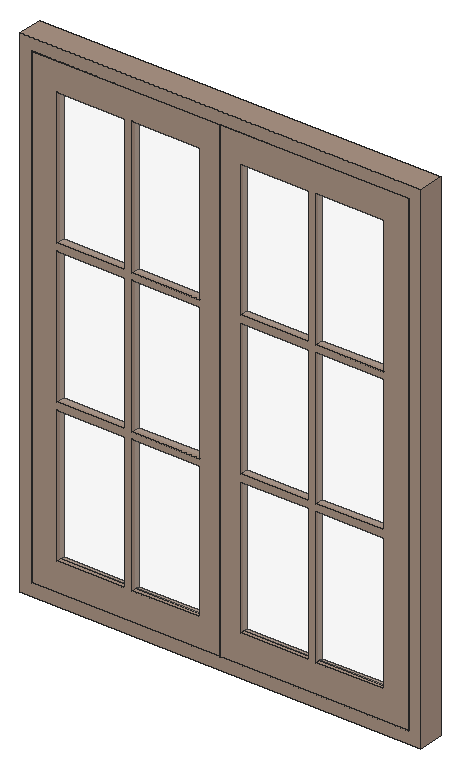
Revit family
Parameters (values of type "1200 x 1500 mm")
  Top Rail = 70 mm
  Stile = 60 mm
  Material of Panel = Glass - Clear
  Material of frame/Shutter = Window Material
  Height = 1500 mm
  Frame Width = 50 mm
  Frame Depth = 75 mm
  Default Sill Height = 900 mm
  Wall Closure = (empty or 0)
  Width = 1200 mm
  Bottom Rail = 70 mm
Types (4, lengths in mm): name | Width
  (no name) | 1200
  1200 x 1500 mm | 1200
  1500 x 1500 mm | 1500
  1800 x1500 mm | 1800
Reference planes
  plane 1: y = 0
  plane 2 "Center (Left/Right)": x = 0
  plane 3 "Left": x = -600
  plane 4 "Right": x = 600
  plane 5 "Sill": z = 900
  plane 6 "Head": z = 2400
  plane 7 "Exterior": y = 75
  plane 8 "Interior": y = -75
  plane 9: y = 37.5
  plane 10: y = -37.5
  plane 11: x = -550
  plane 12: x = 550
  plane 13: z = 2350
  plane 14: z = 950
  plane 15: z = 2280
  plane 16: z = 1020
  plane 17: x = -60
  plane 18: x = 60
  plane 19: x = -490
  plane 20: x = 490
  plane 21: z = 2290
  plane 22: z = 1010
  plane 23: z = 1863.333
  plane 24: z = 1436.667
  plane 25: x = -500
  plane 26: x = -50
  plane 27: x = 500
  plane 28: x = 50
  plane 29: x = -275
  plane 30: x = 275
  plane 31: z = 1650
Forms (mm)
  Sweep 1, solid, material "Window Material" <- "Material of frame/Shutter"
    path origin (0, 0, 0) x (1, 0, 0) y (0, 0, 1)
      loop
        line (600, 2400) -> (-600, 2400) -> (-600, 900) -> (600, 900) -> (600, 2400)
    profile origin (0, 0, 1650) x (0, -1, 0) y (1, 0, 0)
      loop
        line (-37.5, 600) -> (-37.5, 550) -> (12.5, 550) -> (12.5, 564.701) -> (37.5, 564.701) -> (37.5, 600) -> (-37.5, 600)
  Extrusion 2, solid, material "Window Material" <- "Material of frame/Shutter"
    sketch origin (0, -37.5, 0) x (1, 0, 0) y (0, 0, 1)
      loop
        line (-564.701, 935.299) -> (-2.221, 935.299) -> (-2.221, 2364.701) -> (-564.701, 2364.701) -> (-564.701, 935.299)
      loop
        line (564.701, 2364.701) -> (1.963, 2364.701) -> (1.963, 935.299) -> (564.701, 935.299) -> (564.701, 2364.701)
      loop
        line (-490, 2280) -> (-490, 1873.333) -> (-285, 1873.333) -> (-285, 2280) -> (-490, 2280)
      loop
        line (-490, 1020) -> (-285, 1020) -> (-285, 1426.667) -> (-490, 1426.667) -> (-490, 1020)
      loop
        line (-60, 1020) -> (-60, 1426.667) -> (-265, 1426.667) -> (-265, 1020) -> (-60, 1020)
      loop
        line (-60, 2280) -> (-265, 2280) -> (-265, 1873.333) -> (-60, 1873.333) -> (-60, 2280)
      loop
        line (490, 2280) -> (285, 2280) -> (285, 1873.333) -> (490, 1873.333) -> (490, 2280)
      loop
        line (490, 1020) -> (490, 1426.667) -> (285, 1426.667) -> (285, 1020) -> (490, 1020)
      loop
        line (60, 1020) -> (265, 1020) -> (265, 1426.667) -> (60, 1426.667) -> (60, 1020)
      loop
        line (60, 2280) -> (60, 1873.333) -> (265, 1873.333) -> (265, 2280) -> (60, 2280)
      loop
        line (-490, 1853.333) -> (-490, 1446.667) -> (-285, 1446.667) -> (-285, 1853.333) -> (-490, 1853.333)
      loop
        line (-60, 1853.333) -> (-265, 1853.333) -> (-265, 1446.667) -> (-60, 1446.667) -> (-60, 1853.333)
      loop
        line (490, 1853.333) -> (285, 1853.333) -> (285, 1446.667) -> (490, 1446.667) -> (490, 1853.333)
      loop
        line (60, 1853.333) -> (60, 1446.667) -> (265, 1446.667) -> (265, 1853.333) -> (60, 1853.333)
    from 0 to -25
  Extrusion 3, solid, material "Glass - Clear" <- "Material of Panel"
    sketch origin (0, 0, 1020) x (0, -1, 0) y (-1, 0, 0)
      loop
        line (23, 60) -> (27, 60) -> (27, 490) -> (23, 490) -> (23, 60)
      loop
        line (23, -60) -> (23, -490) -> (27, -490) -> (27, -60) -> (23, -60)
    from -1260 to 0
Lines and regions (mm)
  Opening 1
    outline origin (3500, -75, 0) x (1, 0, 0) y (0, 0, 1)
      loop
        line (-2900, 900) -> (-2900, 2400) -> (-4100, 2400) -> (-4100, 900) -> (-2900, 900)
  symbolic lines, style "WindowsFrameMullionProjection", detail levels medium+fine
    curve 1: line (-600, 37.5, 0) -> (-600, -37.5, 0)
    curve 2: line (-600, 37.5, 0) -> (-550, 37.5, 0)
    curve 3: line (-550, -12.5, 0) -> (-550, 37.5, 0)
    curve 4: line (-550, -12.5, 0) -> (-564.701, -12.5, 0)
    curve 5: line (-564.701, -12.5, 0) -> (-564.701, -37.5, 0)
    curve 6: line (-600, -37.5, 0) -> (-564.701, -37.5, 0)
    curve 7: line (600, 37.5, 0) -> (600, -39.73, 0)
    curve 8: line (600, 37.5, 0) -> (550, 37.5, 0)
    curve 9: line (550, 37.5, 0) -> (550, -12.5, 0)
    curve 10: line (550, -12.5, 0) -> (564.701, -12.5, 0)
    curve 11: line (564.701, -12.5, 0) -> (564.701, -39.73, 0)
    curve 12: line (564.701, -39.73, 0) -> (600, -39.73, 0)
  symbolic lines, style "Elevation Swing"
    curve 13: line (-564.701, 0, 1650) -> (-2.221, 0, 2364.701)
    curve 14: line (-2.221, 0, 935.299) -> (-564.701, 0, 1650)
    curve 15: line (1.963, 0, 935.299) -> (564.701, 0, 1650.4)
    curve 16: line (564.701, 0, 1650.4) -> (1.963, 0, 2364.701)
  symbolic lines, style "Plan Swing"
    curve 17: line (-564.701, -12.5, 0) -> (564.701, -12.5, 0)
    curve 18: line (-564.701, -37.5, 0) -> (564.701, -37.5, 0)
    curve 19: line (0, -12.5, 0) -> (0, -37.5, 0)
  symbolic lines, style "WindowsFrameMullionProjection", detail levels coarse
    curve 20: line (-564.701, -37.5, 0) -> (-600, -37.5, 0)
    curve 21: line (-564.701, 37.5, 0) -> (-564.701, -37.5, 0)
    curve 22: line (-600, 37.5, 0) -> (-564.701, 37.5, 0)
    curve 23: line (-600, -37.5, 0) -> (-600, 37.5, 0)
    curve 24: line (564.701, -37.5, 0) -> (600, -37.5, 0)
    curve 25: line (564.701, 37.5, 0) -> (564.701, -37.5, 0)
    curve 26: line (600, 37.5, 0) -> (564.701, 37.5, 0)
    curve 27: line (600, -37.5, 0) -> (600, 37.5, 0)
Text (mm)
  text "EXTERIOR" at (-1963.203, 1332.353, 0), in view "Ref. Level"
  text "INTERIOR" at (-1981.466, -818.386, 0), in view "Ref. Level"
  text "Exterior" at (0, 923.751, 2943.296), in view "Right"
  text "Exterior" at (0, 1040.484, 2685.409), in view "Left"
Dimensions and locks
  equal spacing: plane 3 "Left", plane 2 "Center (Left/Right)", plane 4 "Right"
  "Width": plane 3 "Left" to plane 4 "Right"
  "Height": plane 5 "Sill" to plane 6 "Head"
  "Default Sill Height": plane 5 "Sill" to level
  locked: plane 7 "Exterior" to host wall at 0
  locked: plane 8 "Interior" to host wall
  locked: Sweep 1 sketch curve to Sweep 1 sketch curve at 14.701
  locked: Sweep 1 sketch curve to Sweep 1 sketch curve at 25
  equal spacing: plane 10, plane 1, plane 9
  "Frame Depth": plane 10 to plane 9
  "Frame Width": plane 12 to plane 4 "Right"
  "Frame Width": plane 3 "Left" to plane 11
  "Stile": plane 11 to plane 19
  "Stile": plane 20 to plane 12
  "Top Rail": plane 13 to plane 15
  "Bottom Rail": plane 16 to plane 14
  "Frame Width": plane 6 "Head" to plane 13
  "Frame Width": plane 14 to plane 5 "Sill"
  "Stile": plane 2 "Center (Left/Right)" to plane 17
  "Stile": plane 18 to plane 2 "Center (Left/Right)"
  locked: Extrusion 2 to Extrusion 3 sketch curve at 10.5  (x3)
  locked: Extrusion 3 sketch curve to Extrusion 2 at 10.5
  equal spacing: plane 21, plane 23, plane 24, plane 22
  locked: plane 16 to plane 22 at 10
  locked: plane 21 to plane 15 at 10
  equal spacing: plane 26, plane 29, plane 25
  equal spacing: plane 18, plane 30, plane 20
  locked: plane 19 to plane 25 at 10
  locked: plane 26 to plane 17 at 10
  locked: plane 18 to plane 28 at 10
  locked: plane 20 to plane 27 at 10
  equal spacing: plane 6 "Head", plane 31, plane 5 "Sill"
  aligned and locked: host wall to Sweep 1 sketch curve
  aligned and locked: Sweep 1 sketch curve to host wall  (x2)
  aligned and locked: Sweep 1 sketch curve to plane 4 "Right"
  aligned and locked: plane 9 to Sweep 1 sketch curve
  aligned and locked: Sweep 1 sketch curve to plane 12
  aligned and locked: plane 10 to Sweep 1 sketch curve
  aligned and locked: Extrusion 2 sketch curve to Sweep 1  (x3)
  aligned and locked: Sweep 1 to Extrusion 2 sketch curve  (x3)
  aligned and locked: plane 19 to Extrusion 2 sketch curve
  aligned and locked: plane 15 to Extrusion 2 sketch curve
  aligned and locked: plane 16 to Extrusion 2 sketch curve  (x2)
  aligned and locked: plane 17 to Extrusion 2 sketch curve
  aligned and locked: plane 20 to Extrusion 2 sketch curve
  aligned and locked: Extrusion 2 sketch curve to plane 15
  aligned and locked: plane 18 to Extrusion 2 sketch curve
  aligned and locked: plane 19 to Extrusion 3 sketch curve  (x2)
  aligned and locked: Extrusion 3 sketch curve to plane 17
  aligned and locked: plane 18 to Extrusion 3 sketch curve  (x2)
  aligned and locked: plane 20 to Extrusion 3 sketch curve
  aligned and locked: Extrusion 3 sketch curve to plane 20
  aligned and locked: Extrusion 3 to plane 15
  aligned and locked: plane 16 to Extrusion 3
  aligned and locked: curve 1 to Sweep 1
  aligned and locked: Sweep 1 to curve 3
  aligned and locked: curve 3 to Sweep 1
  aligned and locked: curve 5 to Sweep 1
  aligned and locked: curve 6 to Sweep 1
  aligned and locked: curve 7 to Sweep 1  (x2)
  aligned and locked: curve 9 to Sweep 1
  aligned and locked: Sweep 1 to curve 10
  aligned and locked: curve 11 to Sweep 1
  aligned and locked: Sweep 1 to curve 13
  aligned and locked: Extrusion 2 to curve 13
  aligned and locked: curve 14 to Extrusion 2
  aligned and locked: Extrusion 2 to curve 15
  aligned and locked: curve 15 to Sweep 1
  aligned and locked: curve 16 to Extrusion 2
  aligned and locked: plane 10 to curve 18
  aligned and locked: curve 19 to plane 2 "Center (Left/Right)"
  aligned and locked: Sweep 1 to curve 23
  aligned and locked: curve 23 to Sweep 1
  aligned and locked: curve 24 to Sweep 1
  aligned and locked: curve 18 to curve 24
  aligned and locked: curve 27 to Sweep 1
Automatic sketch dimensions
  Opening 1 sketch curve to plane 3 "Left" = 0 mm
  Opening 1 sketch curve to plane 4 "Right" = 0 mm
  Opening 1 sketch curve to plane 5 "Sill" = 0 mm
  Opening 1 sketch curve to plane 6 "Head" = 0 mm
  Sweep 1 sketch curve to plane 4 "Right" = 0 mm
  Extrusion 2 sketch curve to plane 19 = 0 mm  (x2)
  Extrusion 2 sketch curve to plane 15 = 0 mm  (x2)
  Extrusion 2 sketch curve to plane 17 = 0 mm  (x2)
  Extrusion 2 sketch curve to plane 18 = 0 mm  (x2)
  Extrusion 2 sketch curve to plane 20 = 0 mm  (x2)
  plane 29 to Extrusion 2 sketch curve = 10 mm  (x3)
  Extrusion 2 sketch curve to plane 29 = 10 mm  (x3)
  Extrusion 2 sketch curve to plane 2 "Center (Left/Right)" = 2.221 mm
  plane 2 "Center (Left/Right)" to Extrusion 2 sketch curve = 1.963 mm
  plane 24 to Extrusion 2 sketch curve = 10 mm  (x4)
  Extrusion 2 sketch curve to plane 24 = 10 mm  (x4)
  plane 23 to Extrusion 2 sketch curve = 10 mm  (x4)
  Extrusion 2 sketch curve to plane 23 = 10 mm  (x4)
  Extrusion 2 sketch curve to plane 16 = 0 mm  (x2)
  plane 30 to Extrusion 2 sketch curve = 10 mm  (x3)
  Extrusion 2 sketch curve to plane 30 = 10 mm  (x3)
  curve 14 to plane 31 = 0 mm
  curve 15 to plane 31 = 0.4 mm
  curve 16 to plane 13 = 14.701 mm
  curve 13 to curve 16 = 0 mm
  plane 14 to curve 15 = 14.701 mm
  curve 14 to curve 15 = 0 mm
  plane 10 to curve 7 = 2.23 mm
  curve 17 to curve 10 = 0 mm
